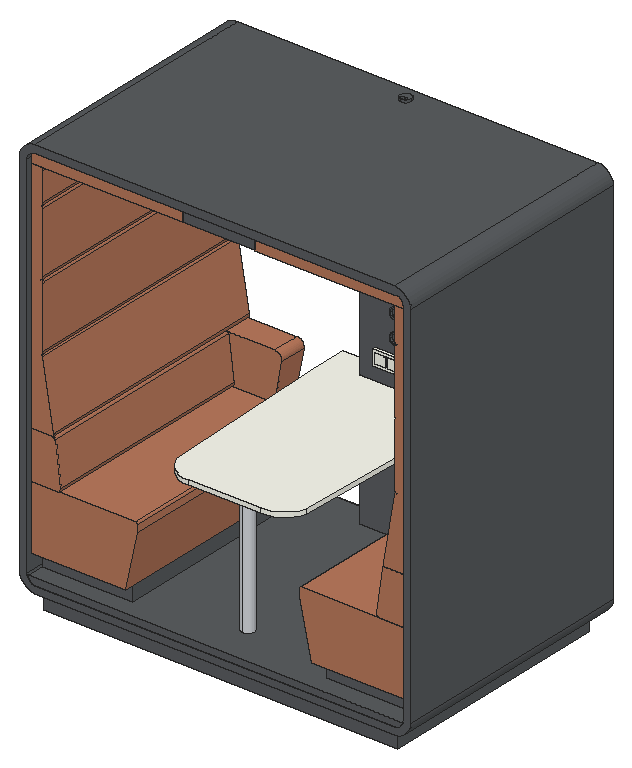
Revit family "Hushmeet.open EN3", category Casework, Revit 2018
Family settings
  OmniClass Number = 23.40.35.00
  OmniClass Title = Casework
  Work Plane-Based = No
  Always vertical = Yes
  Cut with Voids When Loaded = No
  Shared = No
  Room Calculation Point = Yes
Parameters (values of type "HUSH MEET OPEN")
  Width = 2150 mm  # constant formula
  Weight [instance] = 550.00 kg  # constant formula
  URL = "https://hushoffice.com/en/"
  Type of power module [instance] = Power module : PL/FR (1 x electric, 2 x USB, 2 x RJ45)
  Type of foam [instance] = Foam : Normal
  Type Image = hush-meet-open.jpeg
  Persons [instance] = "1-4"  # constant formula
  Model = "HUSH MEET OPEN"  # constant formula
  Middle column = Cosmos Grey AGC
  Manufacturer = "Mikomax Smart Office"  # constant formula
  Index (Product) [instance] = if(or(Type of power module = [E PL/FR], or(Type of power module = E DE, or(Type of power module = E DK, or(Type of power module = E GB, Type of power module = E CH)))), "HUS-BX-010", "HUS-BX-110")  # "HUS-BX-010"
  Index (Equipment) [instance] = if(Green wall, "HUS-PG-001", "-")  # "-"
  IfcExportType = ""
  IfcExportAs = "IfcFurniture"  # constant formula
  Height = 2300 mm  # constant formula
  Green wall [instance] = no
  Finish = "Defined materials"  # constant formula
  Fabric (detail) = PETRUS Amberglow TAG
  Fabric = PETRUS Amberglow TAG
  Equipment [instance] = Interior : table
  E US = Power module : US Type (1 x electric,1 x USB A,1 x USB C,1 x RJ45) - black
  E PL/FR2 = Power module : PL/FR Type (1 x electric,1 x USB A,1 x USB C,1 x RJ45) - black
  E PL/FR = Power module : PL/FR (1 x electric, 2 x USB, 2 x RJ45)
  E GB2 = Power module : GB Type (1 x electric,1 x USB A,1 x USB C,1 x RJ45) - black
  E GB = Power module : GB (1 x electric, 2 x USB, 2 x RJ45)
  E DK = Power module : DK (1 x electric, 2 x USB, 2 x RJ45)
  E DE = Power module : DE (1 x electric, 2 x USB, 2 x RJ45)
  E CH = Power module : CH (1 x electric, 2 x USB, 2 x RJ45)
  E AU = Power module : AU Type (1 x electric,1 x USB A,1 x USB C,1 x RJ45) - black
  Description = "Independent spaces for solo working and meetings, including virtual ones"  # constant formula
  Depth = 1390 mm  # constant formula
  Contact (Rest of the world) = "export.sales@mikomax.pl"  # constant formula
  Contact (Poland) = "mateusz.siwiaszczyk@mikomax.pl"  # constant formula
  Construction Type = "Defined construction"  # constant formula
  Configurator = "https://mikomax.actumwork.pl/customize/materials"
  Catalogue = "https://hushoffice.com/en/architect-zone-en/brochure/"
  Case = Cosmos Grey AGC
  Cableway [instance] = no
  Back glass colour = Glass Clear PRZ
  Assembly Code = "E2010200"
Reference planes
  plane 1 "Back": y = 0
  plane 2: z = 0
  plane 3 "Center (Left/Right)": x = 44.7
  plane 4 "Front": y = -1390
  plane 5 "Left": x = -1030.3
  plane 6 "Right": x = 1119.7
  plane 7 "Top": z = 2300
  plane 8: z = 90
Forms (mm)
  Extrusion 1, solid, material "Cosmos Grey AGC" <- "Case", detail levels medium+fine
    sketch origin (0, 0, 0) x (1, 0, 0) y (0, 0, 1)
      loop
        arc (-945.3, 2300) -> (-1005.404, 2275.104) -> (-1030.3, 2215) r 85
        line (-1030.3, 2215) -> (-1030.3, 175)
        arc (-1030.3, 175) -> (-1005.404, 114.896) -> (-945.3, 90) r 85
        line (-945.3, 90) -> (1034.7, 90)
        arc (1034.7, 90) -> (1094.804, 114.896) -> (1119.7, 175) r 85
        line (1119.7, 175) -> (1119.7, 2215)
        arc (1119.7, 2215) -> (1094.804, 2275.104) -> (1034.7, 2300) r 85
        line (1034.7, 2300) -> (-945.3, 2300)
      loop
        line (-945.3, 130) -> (1034.7, 130)
        arc (1034.7, 130) -> (1066.52, 143.18) -> (1079.7, 175) r 45
        line (1079.7, 175) -> (1079.7, 2215)
        arc (1079.7, 2215) -> (1066.52, 2246.82) -> (1034.7, 2260) r 45
        line (1034.7, 2260) -> (-945.3, 2260)
        arc (-945.3, 2260) -> (-977.119, 2246.82) -> (-990.3, 2215) r 45
        line (-990.3, 2215) -> (-990.3, 175)
        arc (-990.3, 175) -> (-977.119, 143.18) -> (-945.3, 130) r 45
    from 0 to 1390
  Extrusion 2, solid, material "Cosmos Grey AGC", detail levels medium+fine
    sketch origin (0, 0, 0) x (1, 0, 0) y (0, 1, 0)
      loop
        line (-930.3, -40) -> (-930.3, -1350) -> (1019.7, -1350) -> (1019.7, -40) -> (-930.3, -40)
    from 0 to 90
  Extrusion 3, solid, material "Cosmos Grey AGC" <- "Middle column", detail levels medium+fine
    sketch origin (-29.762, 0, 0) x (1, 0, 0) y (0, 1, 0)
      loop
        line (-125.537, 0) -> (-125.537, -145) -> (274.463, -145) -> (274.463, 0) -> (-125.537, 0)
    from 130 to 2260
  Extrusion 4, solid, material "Cosmos Grey AGC" <- "Case", detail levels coarse
    sketch origin (0, 0, 0) x (1, 0, 0) y (0, 1, 0)
      loop
        line (-1030.3, 0) -> (-1030.3, -1390) -> (1119.7, -1390) -> (1119.7, 0) -> (-1030.3, 0)
    from 0 to 2300
  Extrusion 5, solid, material "Cosmos Grey AGC", detail levels medium+fine
    sketch origin (0, -1390, 0) x (1, 0, 0) y (0, 0, 1)
      loop
        line (-945.3, 130) -> (1034.7, 130)
        arc (1034.7, 130) -> (1062.763, 139.822) -> (1078.575, 165) r 45
        line (1078.575, 165) -> (-989.174, 165)
        arc (-989.174, 165) -> (-973.362, 139.822) -> (-945.3, 130) r 45
    from 0 to -1365
  Extrusion 6, solid, material "PETRUS Amberglow TAG" <- "Fabric", detail levels medium+fine
    sketch origin (0, -1390, 0) x (1, 0, 0) y (0, 0, 1)
      loop
        arc (-401.476, 608.81) -> (-404.405, 615.881) -> (-411.476, 618.81) r 10
        line (-411.476, 618.81) -> (-990.3, 618.81) -> (-990.3, 265) -> (-466.112, 265) -> (-401.476, 568.393) -> (-401.476, 608.81)
      loop
        line (-990.3, 2187.998) -> (-990.3, 879.676) -> (-875.649, 879.676)
        arc (-875.649, 879.676) -> (-864.17, 885.02) -> (-860.871, 897.245) r 15
        line (-860.871, 897.245) -> (-922.638, 1252.525)
        arc (-922.638, 1252.525) -> (-927.697, 1261.382) -> (-937.251, 1264.955) r 15
        arc (-937.251, 1264.955) -> (-926.538, 1269.291) -> (-922.087, 1279.956) r 15
        line (-922.087, 1279.956) -> (-922.087, 1616.956)
        arc (-922.087, 1616.956) -> (-926.48, 1627.563) -> (-937.087, 1631.956) r 15
        arc (-937.087, 1631.956) -> (-926.48, 1636.35) -> (-922.087, 1646.956) r 15
        line (-922.087, 1646.956) -> (-922.087, 1983.956)
        arc (-922.087, 1983.956) -> (-926.48, 1994.563) -> (-937.087, 1998.956) r 15
        arc (-937.087, 1998.956) -> (-926.48, 2003.35) -> (-922.087, 2013.956) r 15
        line (-922.087, 2013.956) -> (-922.087, 2173.205)
        arc (-922.087, 2173.205) -> (-925.635, 2182.894) -> (-934.603, 2187.998) r 15
        line (-934.603, 2187.998) -> (-990.3, 2187.998)
      loop
        line (490.877, 608.81) -> (490.877, 568.393) -> (555.513, 265) -> (1079.7, 265) -> (1079.7, 618.81) -> (500.877, 618.81)
        arc (500.877, 618.81) -> (493.806, 615.881) -> (490.877, 608.81) r 10
      loop
        line (1079.7, 2187.998) -> (1024.003, 2187.998)
        arc (1024.003, 2187.998) -> (1015.036, 2182.894) -> (1011.487, 2173.205) r 15
        line (1011.487, 2173.205) -> (1011.487, 2013.956)
        arc (1011.487, 2013.956) -> (1015.881, 2003.35) -> (1026.487, 1998.956) r 15
        arc (1026.487, 1998.956) -> (1015.881, 1994.563) -> (1011.487, 1983.956) r 15
        line (1011.487, 1983.956) -> (1011.487, 1646.956)
        arc (1011.487, 1646.956) -> (1015.881, 1636.35) -> (1026.487, 1631.956) r 15
        arc (1026.487, 1631.956) -> (1015.881, 1627.563) -> (1011.487, 1616.956) r 15
        line (1011.487, 1616.956) -> (1011.487, 1279.956)
        arc (1011.487, 1279.956) -> (1015.939, 1269.291) -> (1026.652, 1264.955) r 15
        arc (1026.652, 1264.955) -> (1017.098, 1261.382) -> (1012.038, 1252.525) r 15
        line (1012.038, 1252.525) -> (950.271, 897.245)
        arc (950.271, 897.245) -> (953.571, 885.02) -> (965.05, 879.676) r 15
        line (965.05, 879.676) -> (1079.7, 879.676) -> (1079.7, 2187.998)
    from -1365 to -25
  Extrusion 7, solid, material "Cosmos Grey AGC", detail levels medium+fine
    sketch origin (-989.174, -1390, 165) x (1, 0, 0) y (0, 1, 0)
      loop
        line (0, 100) -> (500, 100) -> (500, 1265) -> (0, 1265) -> (0, 100)
      loop
        line (2067.75, 1265) -> (1567.75, 1265) -> (1567.75, 100) -> (2067.75, 100) -> (2067.75, 1265)
    from 0 to 100
  Extrusion 8, solid, material "PETRUS Amberglow TAG" <- "Fabric (detail)", detail levels medium+fine
    sketch origin (1119.7, -1390, 0) x (-1, 0, 0) y (0, 0, -1)
      loop
        line (427.992, -618.81) -> (40, -618.81) -> (40, -879.676) -> (430.08, -879.676)
        arc (430.08, -879.676) -> (461.227, -865.25) -> (469.723, -831.993) r 40
        line (469.723, -831.993) -> (427.992, -618.81)
      loop
        line (1722.008, -618.81) -> (1680.277, -831.993)
        arc (1680.277, -831.993) -> (1688.773, -865.25) -> (1719.92, -879.676) r 40
        line (1719.92, -879.676) -> (2110, -879.676) -> (2110, -618.81) -> (1722.008, -618.81)
    from -1365 to -1215
  Extrusion 9, solid, material "PETRUS Amberglow TAG" <- "Fabric (detail)", detail levels medium+fine
    sketch origin (0, -1390, 0) x (1, 0, 0) y (0, 0, 1)
      loop
        arc (-854.938, 866.545) -> (-859.897, 875.924) -> (-869.821, 879.676) r 15
        line (-869.821, 879.676) -> (-990.3, 879.676) -> (-990.3, 618.81) -> (-840.826, 618.81)
        arc (-840.826, 618.81) -> (-829.578, 623.886) -> (-825.943, 635.679) r 15
        line (-825.943, 635.679) -> (-854.938, 866.545)
      loop
        line (944.339, 866.545) -> (915.344, 635.679)
        arc (915.344, 635.679) -> (918.979, 623.886) -> (930.227, 618.81) r 15
        line (930.227, 618.81) -> (1079.7, 618.81) -> (1079.7, 879.676) -> (959.222, 879.676)
        arc (959.222, 879.676) -> (949.298, 875.924) -> (944.339, 866.545) r 15
    from -1215 to -25
  Extrusion 10, solid, material "PETRUS Amberglow TAG" <- "Fabric", detail levels medium+fine
    sketch origin (0, -1390, 0) x (1, 0, 0) y (0, 0, 1)
      loop
        line (244.7, 2187.998) -> (1079.7, 2187.998) -> (1079.7, 2215)
        arc (1079.7, 2215) -> (1066.52, 2246.82) -> (1034.7, 2260) r 45
        line (1034.7, 2260) -> (244.7, 2260) -> (244.7, 2187.998)
      loop
        line (-155.3, 2187.998) -> (-155.3, 2260) -> (-945.3, 2260)
        arc (-945.3, 2260) -> (-977.119, 2246.82) -> (-990.3, 2215) r 45
        line (-990.3, 2215) -> (-990.3, 2187.998) -> (-155.3, 2187.998)
    from -1365 to -25
  Extrusion 11, solid, material "Cosmos Grey AGC" <- "Middle column", detail levels medium+fine
    sketch origin (1034.7, 0, 2260) x (0, 1, 0) y (1, 0, 0)
      loop
        line (-1365, -1189.719) -> (-145, -1189.719) -> (-145, -790.017) -> (-1365, -790.017) -> (-1365, -1189.719)
      loop
        line (-355.699, -1079.799) -> (-355.699, -1066.2) -> (-1165.699, -1066.2) -> (-1165.699, -1079.799) -> (-355.699, -1079.799)
      loop
        line (-355.699, -900.201) -> (-1165.699, -900.201) -> (-1165.699, -913.8) -> (-355.699, -913.8) -> (-355.699, -900.201)
    from 0 to 70
  Extrusion 12, solid, material "Cosmos Grey AGC" <- "Middle column", visible <- "Cableway", detail levels fine
    sketch origin (244.7, -145, 0) x (-1, 0, 0) y (0, 0, -1)
      loop
        circle (200, -1565.235) r 30
      loop
        arc (220.746, -1551.286) -> (200, -1540.235) -> (179.254, -1551.286) r 25
        line (179.254, -1551.286) -> (191.607, -1563.639) -> (208.393, -1563.639) -> (220.746, -1551.286)
    from 0 to 10
  Extrusion 13, solid, material "Cosmos Grey AGC" <- "Middle column", detail levels fine
    sketch origin (244.7, -145, 0) x (-1, 0, 0) y (0, 0, -1)
      loop
        circle (200, -1275.039) r 30
      loop
        circle (200, -1275.039) r 25
      loop
        circle (200, -1149.914) r 30
      loop
        circle (200, -1149.914) r 25
    from 0 to 10
  Extrusion 14, solid, material "Cosmos Grey AGC" <- "Case", detail levels fine
    sketch origin (-945.3, 0, 2300) x (1, 0, 0) y (0, 1, 0)
      loop
        circle (990, -80) r 30
      loop
        arc (969.254, -93.949) -> (990, -105) -> (1010.746, -93.949) r 25
        line (1010.746, -93.949) -> (998.393, -81.596) -> (981.607, -81.596) -> (969.254, -93.949)
    from 0 to 10
Cuts and joins
  joined: Extrusion 8, Extrusion 9
Dimensions and locks
  "Width": plane 6 "Right" to plane 5 "Left"
  equal spacing: plane 6 "Right", plane 3 "Center (Left/Right)", plane 5 "Left"
  "Depth": plane 4 "Front" to plane 1 "Back"
  "Height": level to plane 7 "Top"
  locked: plane 8 to level at 90
  locked: Extrusion 1 sketch curve to plane 5 "Left" at 40
  locked: Extrusion 1 sketch curve to plane 8 at 40
  locked: plane 6 "Right" to Extrusion 1 sketch curve at 40
  locked: plane 7 "Top" to Extrusion 1 sketch curve at 40
  locked: plane 5 "Left" to Extrusion 2 sketch curve at 100
  locked: Extrusion 2 sketch curve to plane 1 "Back" at 40
  locked: Extrusion 2 sketch curve to plane 6 "Right" at 100
  locked: Extrusion 2 sketch curve to plane 4 "Front" at 40
  locked: Extrusion 3 sketch curve to Extrusion 3 sketch curve at 145
  locked: Extrusion 3 sketch curve to Extrusion 3 sketch curve at 400
  locked: Extrusion 5 sketch curve to Extrusion 1 at 35
  locked: Extrusion 5 to plane 1 "Back" at 25
  locked: Extrusion 7 sketch curve to Extrusion 7 sketch curve at 500  (x2)
  locked: Extrusion 5 to Extrusion 7 sketch curve at 100  (x4)
  radius of Extrusion 1 sketch curve = 45 mm  (x4)
  radius of Extrusion 1 sketch curve = 85 mm  (x4)
  aligned and locked: level to plane 2
  aligned and locked: plane 8 to Extrusion 1 sketch curve
  aligned and locked: Extrusion 1 sketch curve to plane 6 "Right"
  aligned and locked: plane 7 "Top" to Extrusion 1 sketch curve
  aligned and locked: plane 5 "Left" to Extrusion 1 sketch curve
  aligned and locked: Extrusion 1 to plane 4 "Front"
  aligned and locked: plane 8 to Extrusion 2
  aligned and locked: Extrusion 3 to plane 1 "Back"
  aligned and locked: Extrusion 3 to Extrusion 1  (x2)
  aligned and locked: Extrusion 4 sketch curve to plane 6 "Right"
  aligned and locked: Extrusion 4 sketch curve to plane 4 "Front"
  aligned and locked: Extrusion 4 sketch curve to plane 5 "Left"
  aligned and locked: Extrusion 4 sketch curve to plane 1 "Back"
  aligned and locked: Extrusion 4 to plane 7 "Top"
  aligned and locked: Extrusion 5 sketch curve to Extrusion 1  (x2)
  aligned and locked: Extrusion 6 to Extrusion 5
  aligned and locked: Extrusion 5 to Extrusion 7 sketch curve  (x2)
  aligned and locked: Extrusion 6 to Extrusion 9 sketch curve
  aligned and locked: Extrusion 9 to Extrusion 8
  aligned and locked: Extrusion 6 to Extrusion 9
  aligned and locked: Extrusion 1 to Extrusion 9 sketch curve
  aligned and locked: nested 2 to Extrusion 1  (x2)
  aligned and locked: nested 1 to Extrusion 1
  aligned and locked: Extrusion 1 to nested 1
  aligned and locked: Extrusion 10 to Extrusion 6
  aligned and locked: Extrusion 6 to Extrusion 10
  aligned and locked: Extrusion 11 to Extrusion 3
  aligned and locked: Extrusion 1 to Extrusion 5
  aligned and locked: Extrusion 10 to Extrusion 11
Automatic sketch dimensions
  plane 1 "Back" to Extrusion 3 sketch curve = 0 mm
  Extrusion 3 sketch curve to plane 3 "Center (Left/Right)" = 200 mm
  plane 5 "Left" to Extrusion 6 sketch curve = 40 mm  (x2)
  plane 5 "Left" to Extrusion 6 sketch curve = 92.884 mm
  Extrusion 6 sketch curve to Extrusion 6 sketch curve = 53.213 mm
  plane 5 "Left" to Extrusion 6 sketch curve = 93.213 mm  (x2)
  Extrusion 6 sketch curve to Extrusion 6 sketch curve = 0.329 mm
  Extrusion 6 sketch curve to Extrusion 6 sketch curve = 0 mm  (x4)
  Extrusion 6 sketch curve to Extrusion 6 sketch curve = 2.484 mm  (x2)
  Extrusion 6 sketch curve to Extrusion 6 sketch curve = 14.778 mm  (x4)
  Extrusion 6 sketch curve to Extrusion 6 sketch curve = 15 mm  (x13)
  Extrusion 6 sketch curve to Extrusion 6 sketch curve = 114.651 mm
  plane 8 to Extrusion 6 sketch curve = 175 mm  (x2)
  Extrusion 6 sketch curve to plane 3 "Center (Left/Right)" = 510.813 mm
  Extrusion 6 sketch curve to Extrusion 6 sketch curve = 54.636 mm
  Extrusion 6 sketch curve to Extrusion 6 sketch curve = 10 mm  (x2)
  plane 3 "Center (Left/Right)" to Extrusion 6 sketch curve = 446.177 mm
  Extrusion 6 sketch curve to Extrusion 6 sketch curve = 64.636 mm
  Extrusion 6 sketch curve to plane 6 "Right" = 169.429 mm
  Extrusion 6 sketch curve to plane 6 "Right" = 108.213 mm  (x2)
  Extrusion 6 sketch curve to Extrusion 6 sketch curve = 0.551 mm
  Extrusion 6 sketch curve to Extrusion 6 sketch curve = 12.516 mm
  Extrusion 6 sketch curve to plane 6 "Right" = 40 mm  (x2)
  Extrusion 6 sketch curve to Extrusion 6 sketch curve = 303.393 mm  (x2)
  Extrusion 6 sketch curve to Extrusion 6 sketch curve = 40.417 mm  (x2)
  Extrusion 6 sketch curve to Extrusion 6 sketch curve = 260.866 mm  (x2)
  Extrusion 6 sketch curve to Extrusion 6 sketch curve = 355.28 mm  (x2)
  Extrusion 6 sketch curve to Extrusion 6 sketch curve = 2.569 mm  (x2)
  Extrusion 6 sketch curve to Extrusion 6 sketch curve = 30 mm
  Extrusion 6 sketch curve to Extrusion 6 sketch curve = 27.431 mm
  Extrusion 6 sketch curve to Extrusion 6 sketch curve = 337 mm  (x2)
  plane 7 "Top" to Extrusion 6 sketch curve = 316.044 mm  (x2)
  plane 7 "Top" to Extrusion 6 sketch curve = 126.795 mm  (x2)
  Extrusion 6 sketch curve to Extrusion 6 sketch curve = 0.165 mm  (x2)
  Extrusion 8 sketch curve to Extrusion 4 = 40 mm
  Extrusion 8 sketch curve to Extrusion 8 sketch curve = 387.992 mm
  Extrusion 8 sketch curve to Extrusion 8 sketch curve = 2.088 mm
  Extrusion 8 sketch curve to Extrusion 8 sketch curve = 0.388 mm  (x2)
  Extrusion 8 sketch curve to Extrusion 8 sketch curve = 39.255 mm  (x2)
  Extrusion 4 to Extrusion 8 sketch curve = 469.723 mm
  Extrusion 8 sketch curve to Extrusion 8 sketch curve = 41.732 mm
  Extrusion 4 to Extrusion 8 sketch curve = 40 mm
  Extrusion 4 to Extrusion 8 sketch curve = 879.676 mm  (x2)
  Extrusion 8 sketch curve to Extrusion 8 sketch curve = 39.998 mm  (x2)
  Extrusion 8 sketch curve to Extrusion 8 sketch curve = 260.866 mm
  Extrusion 8 sketch curve to Extrusion 8 sketch curve = 213.184 mm
  Extrusion 9 sketch curve to Extrusion 9 sketch curve = 120.479 mm
  Extrusion 9 sketch curve to Extrusion 9 sketch curve = 14.883 mm  (x4)
  Extrusion 9 sketch curve to Extrusion 9 sketch curve = 149.474 mm
  Extrusion 9 sketch curve to plane 6 "Right" = 204.357 mm
  Extrusion 9 sketch curve to plane 6 "Right" = 175.362 mm
  Extrusion 9 sketch curve to plane 6 "Right" = 40 mm
  plane 8 to Extrusion 9 sketch curve = 528.81 mm
  Extrusion 9 sketch curve to Extrusion 9 sketch curve = 15 mm  (x2)
  Extrusion 9 sketch curve to Extrusion 9 sketch curve = 230.866 mm  (x2)
  Extrusion 9 sketch curve to Extrusion 9 sketch curve = 1.869 mm  (x2)
  plane 5 "Left" to Extrusion 10 sketch curve = 40 mm
  plane 7 "Top" to Extrusion 10 sketch curve = 40 mm  (x2)
  Extrusion 10 sketch curve to Extrusion 10 sketch curve = 45 mm
  Extrusion 10 sketch curve to plane 3 "Center (Left/Right)" = 200 mm
  plane 3 "Center (Left/Right)" to Extrusion 10 sketch curve = 200 mm
  Extrusion 10 sketch curve to plane 6 "Right" = 85 mm
  Extrusion 10 sketch curve to plane 6 "Right" = 40 mm
  Extrusion 10 sketch curve to Extrusion 10 sketch curve = 27.002 mm  (x2)
  Extrusion 11 sketch curve to Extrusion 11 sketch curve = 0 mm  (x2)
  Extrusion 11 sketch curve to Extrusion 1 = 145 mm
  Extrusion 11 sketch curve to Extrusion 11 sketch curve = 13.599 mm  (x2)
  Extrusion 11 sketch curve to Extrusion 11 sketch curve = 152.4 mm
  Extrusion 12 sketch curve to Extrusion 12 sketch curve = 0 mm  (x2)
  Extrusion 12 sketch curve to Extrusion 3 = 179.254 mm
  Extrusion 12 sketch curve to Extrusion 12 sketch curve = 12.353 mm  (x3)
  Extrusion 12 sketch curve to Extrusion 12 sketch curve = 8.393 mm  (x2)
  Extrusion 3 to Extrusion 12 sketch curve = 694.765 mm
  Extrusion 12 sketch curve to Extrusion 12 sketch curve = 1.596 mm
  Extrusion 13 sketch curve to Extrusion 13 sketch curve = 0 mm  (x5)
  Extrusion 3 to Extrusion 13 sketch curve = 200 mm
  Extrusion 3 to Extrusion 13 sketch curve = 984.961 mm
  Extrusion 13 sketch curve to Extrusion 13 sketch curve = 125.124 mm
  Extrusion 14 sketch curve to Extrusion 14 sketch curve = 0 mm  (x3)
  Extrusion 1 to Extrusion 14 sketch curve = 93.949 mm  (x2)
  Extrusion 14 sketch curve to Extrusion 14 sketch curve = 12.353 mm
  Extrusion 14 sketch curve to Extrusion 14 sketch curve = 8.393 mm  (x2)
  Extrusion 1 to Extrusion 14 sketch curve = 81.596 mm
  Extrusion 14 sketch curve to Extrusion 14 sketch curve = 1.596 mm
  Extrusion 14 sketch curve to Extrusion 1 = 969.254 mm
  Extrusion 11 sketch curve to Extrusion 11 sketch curve = 109.92 mm
  Extrusion 11 sketch curve to Extrusion 1 = 25 mm
  Extrusion 11 sketch curve to Extrusion 1 = 224.301 mm
  Extrusion 11 sketch curve to Extrusion 11 sketch curve = 210.699 mm
  Extrusion 11 sketch curve to Extrusion 11 sketch curve = 110.184 mm
  Extrusion 1 to Extrusion 11 sketch curve = 790.017 mm
  radius of Extrusion 12 sketch curve = 30 mm
  radius of Extrusion 13 sketch curve = 30 mm  (x2)
  radius of Extrusion 13 sketch curve = 25 mm  (x2)
  radius of Extrusion 14 sketch curve = 30 mm
Nested families
  nested 1: "Joinery" at (-572.8, 0, 1195) x (-1, 0, 0) z (0, 1, 0), Material (glass) <- "Back glass colour", type "non-movable", detail levels medium+fine
    with W 835 mm, R (right) 45 mm, R (left) 1 mm, Material (handle and hinges) none, Material (glass) Glass Clear PRZ, Material (frame) Cosmos Grey AGC, H 2130 mm, D 0 mm, Angle 0.00°
  nested 2: "Joinery" at (662.2, 0, 1195) x (-1, 0, 0) z (0, 1, 0), Material (glass) <- "Back glass colour", type "non-movable", detail levels medium+fine
    with W 835 mm, R (right) 1 mm, R (left) 45 mm, Material (handle and hinges) none, Material (glass) Glass Clear PRZ, Material (frame) Cosmos Grey AGC, H 2130 mm, D 0 mm, Angle 0.00°
  nested 3: "Green wall" at (1119.7, -1390, 0), visible <- "Green wall", type "Green wall"
    with H 2300 mm, D 1390 mm
  nested 4: "Interior" at (-1030.3, -1390, 165), Depth <- "Depth", Width <- "Width", type <- "Equipment", type "table"
  nested 5: "Sockets" at (9.2, -145, 1025) x (1, 0, 0) z (0, -1, 0), type "Sockets"
    with single no, non-single yes, Number of sockets 3, Material White JBM, Lenght 227 mm
  nested 6: "Sockets" at (44.7, -145, 775) x (1, 0, 0) z (0, -1, 0), type "Sockets"
    with single yes, non-single no, Number of sockets 2, Material White JBM, Lenght 156 mm
Connectors
  electrical at (44.7, -695, 0)
    settings: index 1, voltage 230 V, apparent load 0 VA, apparent load phase1 0 VA, apparent load phase2 0 VA, apparent load phase3 0 VA, power factor 1, load classification "Other", number of poles 1, system type 30, power factor state 1, is connector primary yes, connector utility no, sub classification motor no, connector description ""
  electrical at (44.7, 0, 0)
    settings: index 2, voltage 230 V, apparent load 0 VA, apparent load phase1 0 VA, apparent load phase2 0 VA, apparent load phase3 0 VA, power factor 1, load classification "Other", number of poles 1, system type 5, power factor state 1, is connector primary no, connector utility no, sub classification motor no, connector description ""
Definition of nested family "Joinery"
  Parameters (values of type "movable")
    non-movable = no
    movable = yes
    W [instance] = 1414.111 mm
    R (right) [instance] = 45 mm
    R (left) [instance] = 45 mm
    Material (handle and hinges) [instance] = none
    Material (glass) [instance] = none
    Material (frame) [instance] = none
    H [instance] = 2200 mm
    Default Elevation = 0 mm
    D [instance] = 50 mm
    Angle [instance] = 45.00°
    Analytic Construction = "<None>"
    A = if(movable, 50 mm, 20 mm)  # 50 mm
  Types (2, lengths in mm): name | non-movable | movable | D | Angle | A
    non-movable | yes | no | 79.124 | 0.00° | 20
    movable | no | yes | 50 | 45.00° | 50
  Reference planes
    plane 1 "Center (Front/Back)": y = 0
    plane 2: z = 0
    plane 3 "Center (Left/Right)": x = 0
    plane 4: y = 1100
    plane 5: y = -1100
    plane 6: x = -707.055
    plane 7: x = 707.055
    plane 8: z = -50
    plane 9: z = -100
    plane 10: z = -55
    plane 11: z = -95
  Forms (mm)
    Extrusion 1, solid
      sketch origin (0, 0, 0) x (1, 0, 0) y (0, 1, 0)
        loop
          line (-1219.2, 1219.2) -> (-1219.2, -1219.2) -> (1219.2, -1219.2) -> (1219.2, 1219.2) -> (-1219.2, 1219.2)
      from 0 to -304.8
    Extrusion 2, solid, material <- "Material (frame)", detail levels medium+fine
      sketch origin (-1009.865, -4572, -100) x (-1, 0, 0) y (0, -1, 0)
        loop
          arc (-347.809, -5672) -> (-315.99, -5658.82) -> (-302.809, -5627) r 45
          line (-302.809, -5627) -> (-302.809, -3517)
          arc (-302.809, -3517) -> (-315.99, -3485.18) -> (-347.809, -3472) r 45
          line (-347.809, -3472) -> (-1671.92, -3472)
          arc (-1671.92, -3472) -> (-1703.74, -3485.18) -> (-1716.92, -3517) r 45
          line (-1716.92, -3517) -> (-1716.92, -5627)
          arc (-1716.92, -5627) -> (-1703.74, -5658.82) -> (-1671.92, -5672) r 45
          line (-1671.92, -5672) -> (-347.809, -5672)
        loop
          line (-352.809, -3522) -> (-1666.92, -3522) -> (-1666.92, -5622) -> (-352.809, -5622) -> (-352.809, -3522)
      from 0 to 50
    Extrusion 3, solid, material <- "Material (glass)", visible <- "non-movable", detail levels medium+fine
      sketch origin (-740.742, -4572, -95) x (-1, 0, 0) y (0, -1, 0)
        loop
          line (-83.687, -5622) -> (-83.687, -3522) -> (-1397.798, -3522) -> (-1397.798, -5622) -> (-83.687, -5622)
      from 0 to 40
  Lines and regions (mm)
    symbolic lines, visible <- "movable"
      curve 1: line (657.055, 0, -50) -> (-657.055, 0, -50)
      curve 2: arc (-657.055, 0, -50) -> (-272.161, 0, 879.217) -> (657.055, 0, 1264.111) r 1314.111
      curve 3: line (657.055, 0, 1264.111) -> (657.055, 0, -50)
  Dimensions and locks
    equal spacing: plane 4, plane 1 "Center (Front/Back)", plane 5
    "H": plane 4 to plane 5
    equal spacing: plane 6, plane 3 "Center (Left/Right)", plane 7
    "W": plane 6 to plane 7
    "D": level to plane 8
    "A": plane 4 to Extrusion 2 sketch curve
    "A": plane 6 to Extrusion 2 sketch curve
    "A": Extrusion 2 sketch curve to plane 7
    "A": Extrusion 2 sketch curve to plane 5
    "A": plane 8 to plane 9
    locked: plane 8 to plane 10 at 5
    locked: plane 11 to plane 9 at 5
    "R (left)": radius of Extrusion 2 sketch curve  (x2)
    "R (right)": radius of Extrusion 2 sketch curve  (x2)
    aligned and locked: plane 2 to Extrusion 1
    aligned and locked: level to Extrusion 1
    aligned and locked: Extrusion 2 sketch curve to plane 4
    aligned and locked: Extrusion 2 sketch curve to plane 6
    aligned and locked: Extrusion 2 sketch curve to plane 5
    aligned and locked: Extrusion 2 sketch curve to plane 7
    aligned and locked: plane 8 to Extrusion 2
    aligned and locked: Extrusion 2 to Extrusion 3 sketch curve
    aligned and locked: Extrusion 3 sketch curve to Extrusion 2  (x3)
    aligned and locked: Extrusion 3 to plane 10
    aligned and locked: nested 1 to Extrusion 2
    aligned and locked: plane 8 to nested 1
    aligned and locked: plane 1 "Center (Front/Back)" to nested 1
    aligned and locked: nested 2 to nested 1
    aligned and locked: plane 1 "Center (Front/Back)" to nested 2
  Automatic sketch dimensions
    Extrusion 1 sketch curve to Extrusion 1 sketch curve = 2438.4 mm  (x2)
    curve 3 to plane 8 = 0 mm
    plane 6 to curve 1 = 50 mm
    plane 7 to curve 2 = 50 mm
  Nested families
    nested 1: "Doors" at (657.055, 0, -50) x (0, 0, 1) z (-1, 0, 0), H <- "H", W <- "W", Angle <- "Angle", visible <- "movable", Material (glass) <- "Material (glass)", Material (handle and hinges) <- "Material (handle and hinges)", type "Doors", detail levels medium+fine
      with W 1414.111 mm, H 2200 mm, Angle 45.00°
    nested 2: "Handle" at (-288.382, 0, 848.854) x (0.7071, 0, -0.7071) z (0.7071, 0, 0.7071), Material <- "Material (handle and hinges)", visible <- "movable", type "Handle", detail levels medium+fine
      with Material none
  Definition of nested family "Doors"
    Parameters (values of type "Doors")
      W [instance] = 940 mm
      Material (handle and hinges) [instance] = none
      Material (glass) [instance] = none
      H [instance] = 2000 mm
      Default Elevation = 1219.2 mm
      Angle [instance] = 0.00°
      Analytic Construction = "<None>"
    Reference planes
      plane 1 "Center (Front/Back)": y = 0
      plane 2: z = 0
      plane 3 "Center (Left/Right)": x = 0
      plane 4: x = -9.149
      plane 5: z = 9.149
      plane 6: y = 1000
      plane 7: y = -1000
      plane 8: y = 950
      plane 9: y = -950
      plane 10: y = 785.739
      plane 11: y = -785.927
    Forms (mm)
      Extrusion 1, solid, material <- "Material (handle and hinges)", detail levels fine
        sketch origin (-9.149, 0, 9.149) x (0, 0, 1) y (-1, 0, 0)
          loop
            spline (6.815, 13.316) -> (6.616, 12.736) -> (6.345, 12.174) -> (6.002, 11.63) -> (5.587, 11.104) -> (5.1, 10.595) -> (4.541, 10.105) -> (3.909, 9.632) -> (3.205, 9.177) -> (2.429, 8.74) -> (1.581, 8.321) -> (0.661, 7.92) -> (-0.332, 7.537)
            arc (-0.332, 7.537) -> (-4.173, -6.285) -> (7.075, 2.618) r 7.544
            spline (7.075, 2.618) -> (7.225, 4.174) -> (7.619, 5.481) -> (8.171, 6.562) -> (8.798, 7.442) -> (9.414, 8.144) -> (9.978, 8.708) -> (10.493, 9.192) -> (10.964, 9.654) -> (11.397, 10.153) -> (11.778, 10.796) -> (12.05, 11.778) -> (12.154, 13.303)
            line (12.154, 13.303) -> (42.912, 13.303) -> (42.912, 20) -> (6.808, 20) -> (6.815, 13.316)
          loop
            line (7.107, 30) -> (43.083, 30) -> (43.083, 35.7) -> (7.107, 35.7) -> (7.107, 30)
        from -830.739 to -740.739
      Extrusion 2, solid, material <- "Material (handle and hinges)", detail levels fine
        sketch origin (-9.149, 0, 9.149) x (0, 0, 1) y (-1, 0, 0)
          loop
            spline (6.815, 13.316) -> (6.616, 12.736) -> (6.345, 12.174) -> (6.002, 11.63) -> (5.587, 11.104) -> (5.1, 10.595) -> (4.541, 10.105) -> (3.909, 9.632) -> (3.205, 9.177) -> (2.429, 8.74) -> (1.581, 8.321) -> (0.661, 7.92) -> (-0.332, 7.537)
            arc (-0.332, 7.537) -> (-4.173, -6.285) -> (7.075, 2.618) r 7.544
            spline (7.075, 2.618) -> (7.225, 4.174) -> (7.619, 5.481) -> (8.171, 6.562) -> (8.798, 7.442) -> (9.414, 8.144) -> (9.978, 8.708) -> (10.493, 9.192) -> (10.964, 9.654) -> (11.397, 10.153) -> (11.778, 10.796) -> (12.05, 11.778) -> (12.154, 13.303)
            line (12.154, 13.303) -> (42.912, 13.303) -> (42.912, 20) -> (6.808, 20) -> (6.815, 13.316)
          loop
            line (7.107, 30) -> (43.083, 30) -> (43.083, 35.7) -> (7.107, 35.7) -> (7.107, 30)
        from -45 to 45
      Extrusion 3, solid, material <- "Material (handle and hinges)", detail levels fine
        sketch origin (-9.149, 0, 9.149) x (0, 0, 1) y (-1, 0, 0)
          loop
            spline (6.815, 13.316) -> (6.616, 12.736) -> (6.345, 12.174) -> (6.002, 11.63) -> (5.587, 11.104) -> (5.1, 10.595) -> (4.541, 10.105) -> (3.909, 9.632) -> (3.205, 9.177) -> (2.429, 8.74) -> (1.581, 8.321) -> (0.661, 7.92) -> (-0.332, 7.537)
            arc (-0.332, 7.537) -> (-4.173, -6.285) -> (7.075, 2.618) r 7.544
            spline (7.075, 2.618) -> (7.225, 4.174) -> (7.619, 5.481) -> (8.171, 6.562) -> (8.798, 7.442) -> (9.414, 8.144) -> (9.978, 8.708) -> (10.493, 9.192) -> (10.964, 9.654) -> (11.397, 10.153) -> (11.778, 10.796) -> (12.05, 11.778) -> (12.154, 13.303)
            line (12.154, 13.303) -> (42.912, 13.303) -> (42.912, 20) -> (6.808, 20) -> (6.815, 13.316)
          loop
            line (7.107, 30) -> (43.083, 30) -> (43.083, 35.7) -> (7.107, 35.7) -> (7.107, 30)
        from 740.927 to 830.927
      Sweep 4, solid, material <- "Material (glass)"
        path in 3D
          loop
            line (-29.149, 0, 9.149) -> (-29.149, 0, 839.149)
        profile origin (-29.149, 0, 424.149) x (-1, 0, 0) y (0, -1, 0)
          loop
            line (0, -950) -> (10, -950) -> (10, 950) -> (0, 950) -> (0, -950)
      Extrusion 5, solid, material <- "Material (handle and hinges)", detail levels fine
        sketch origin (0, 0, 18.299) x (0, 0, 1) y (-1, 0, 0)
          loop
            line (-14.586, 30.648) -> (-18.299, 30.648) -> (-18.299, 14.381) -> (-16.617, 10.219)
            arc (-16.617, 10.219) -> (-14.878, 14.059) -> (-11.35, 16.366) r 7.544
            arc (-11.35, 16.366) -> (-13.697, 18.167) -> (-14.586, 20.988) r 4.919
            line (-14.586, 20.988) -> (-14.586, 30.648)
        from -45 to 45
      Extrusion 6, solid, material <- "Material (handle and hinges)", detail levels fine
        sketch origin (0, 0, 18.299) x (0, 0, 1) y (-1, 0, 0)
          loop
            line (-14.586, 30.648) -> (-18.299, 30.648) -> (-18.299, 14.381) -> (-16.617, 10.219)
            arc (-16.617, 10.219) -> (-14.878, 14.059) -> (-11.35, 16.366) r 7.544
            arc (-11.35, 16.366) -> (-13.697, 18.167) -> (-14.586, 20.988) r 4.919
            line (-14.586, 20.988) -> (-14.586, 30.648)
        from -830.739 to -740.739
      Extrusion 7, solid, material <- "Material (handle and hinges)", detail levels fine
        sketch origin (0, -852.427, 18.299) x (0, 0, 1) y (-1, 0, 0)
          loop
            line (-14.586, 30.648) -> (-18.299, 30.648) -> (-18.299, 14.381) -> (-16.617, 10.219)
            arc (-16.617, 10.219) -> (-14.878, 14.059) -> (-11.35, 16.366) r 7.544
            arc (-11.35, 16.366) -> (-13.697, 18.167) -> (-14.586, 20.988) r 4.919
            line (-14.586, 20.988) -> (-14.586, 30.648)
        from -111.5 to -21.5
    Lines and regions (mm)
      reference lines
        curve 1: line (-9.149, 0, 9.149) -> (-9.149, 0, 949.149)
        curve 2: line (-29.149, 0, 9.149) -> (-9.149, 0, 9.149)
        curve 3: line (-29.149, 0, 9.149) -> (-29.149, 0, 839.149)
        curve 4: line (-29.149, 0, 839.149) -> (-9.149, 0, 839.149)
      sketch lines
        curve 5: line (-29.149, 0, 9.149) -> (-29.149, 0, 839.149)
    Dimensions and locks
      equal spacing: plane 6, plane 1 "Center (Front/Back)", plane 7
      "H": plane 6 to plane 7
      locked: plane 9 to plane 7 at 50
      locked: plane 6 to plane 8 at 50
      Extrusion 3 to plane 11 to Extrusion 3 = 45 mm locked, 45 mm locked
      locked: plane 11 to plane 9 at 164.073
      Extrusion 1 to plane 10 to Extrusion 1 = 45 mm locked, 45 mm locked
      locked: plane 8 to plane 10 at 164.261
      "W": curve 1 to curve 1
      locked: curve 2 to curve 2 at 20
      locked: curve 4 to curve 1 at 110
      locked: curve 1 to curve 2 (angle 90.00°)
      locked: curve 2 to curve 3 (angle 90.00°)
      "Angle": angle plane 4 to curve 1
      aligned and locked: level to plane 2
      aligned and locked: plane 4 to curve 1
      aligned and locked: plane 5 to curve 1
      aligned and locked: curve 2 to curve 1
      aligned and locked: Sweep 4 sketch curve to plane 9
      aligned and locked: plane 8 to Sweep 4 sketch curve
      aligned and locked: Extrusion 5 sketch curve to Extrusion 3
      aligned and locked: Extrusion 1 to Extrusion 6  (x2)
      aligned and locked: Extrusion 3 to Extrusion 7  (x2)
    Automatic sketch dimensions
      Extrusion 1 sketch curve to curve 1 = 0 mm  (x2)
      Extrusion 1 sketch curve to curve 1 = 0.332 mm
      curve 1 to Extrusion 1 sketch curve = 6.808 mm
      Extrusion 1 sketch curve to Extrusion 1 sketch curve = 0.007 mm
      Extrusion 1 sketch curve to curve 1 = 2.618 mm
      curve 1 to Extrusion 1 sketch curve = 7.075 mm
      curve 1 to Extrusion 1 sketch curve = 7.107 mm
      Extrusion 1 sketch curve to Extrusion 1 sketch curve = 5.339 mm
      Extrusion 1 sketch curve to Extrusion 1 sketch curve = 30.759 mm
      Extrusion 1 sketch curve to Extrusion 1 sketch curve = 0.171 mm
      Extrusion 1 sketch curve to Extrusion 1 sketch curve = 10.685 mm
      Extrusion 1 sketch curve to Extrusion 1 sketch curve = 0.012 mm
      Extrusion 1 sketch curve to Extrusion 1 sketch curve = 6.684 mm
      curve 1 to Extrusion 1 sketch curve = 30 mm
      Extrusion 1 sketch curve to Extrusion 1 sketch curve = 5.7 mm
      Extrusion 2 sketch curve to curve 1 = 0 mm  (x2)
      Extrusion 2 sketch curve to curve 1 = 0.332 mm
      curve 1 to Extrusion 2 sketch curve = 6.808 mm
      Extrusion 2 sketch curve to Extrusion 2 sketch curve = 0.007 mm
      Extrusion 2 sketch curve to curve 1 = 2.618 mm
      curve 1 to Extrusion 2 sketch curve = 7.075 mm
      curve 1 to Extrusion 2 sketch curve = 7.107 mm
      Extrusion 2 sketch curve to Extrusion 2 sketch curve = 5.339 mm
      Extrusion 2 sketch curve to Extrusion 2 sketch curve = 30.759 mm
      Extrusion 2 sketch curve to Extrusion 2 sketch curve = 0.171 mm
      Extrusion 2 sketch curve to Extrusion 2 sketch curve = 10.685 mm
      Extrusion 2 sketch curve to Extrusion 2 sketch curve = 0.012 mm
      Extrusion 2 sketch curve to Extrusion 2 sketch curve = 6.684 mm
      curve 1 to Extrusion 2 sketch curve = 30 mm
      Extrusion 2 sketch curve to Extrusion 2 sketch curve = 5.7 mm
      Extrusion 3 sketch curve to curve 1 = 0 mm  (x2)
      Extrusion 3 sketch curve to curve 1 = 0.332 mm
      curve 1 to Extrusion 3 sketch curve = 6.808 mm
      Extrusion 3 sketch curve to Extrusion 3 sketch curve = 0.007 mm
      Extrusion 3 sketch curve to curve 1 = 2.618 mm
      curve 1 to Extrusion 3 sketch curve = 7.075 mm
      curve 1 to Extrusion 3 sketch curve = 7.107 mm
      Extrusion 3 sketch curve to Extrusion 3 sketch curve = 5.339 mm
      Extrusion 3 sketch curve to Extrusion 3 sketch curve = 30.759 mm
      Extrusion 3 sketch curve to Extrusion 3 sketch curve = 0.171 mm
      Extrusion 3 sketch curve to Extrusion 3 sketch curve = 10.685 mm
      Extrusion 3 sketch curve to Extrusion 3 sketch curve = 0.012 mm
      Extrusion 3 sketch curve to Extrusion 3 sketch curve = 6.684 mm
      curve 1 to Extrusion 3 sketch curve = 30 mm
      Extrusion 3 sketch curve to Extrusion 3 sketch curve = 5.7 mm
      Sweep 4 sketch curve to profile plane = 0 mm
      Sweep 4 sketch curve to profile plane = 10 mm
      Extrusion 5 sketch curve to level = 0 mm
      Extrusion 5 sketch curve to plane 4 = 1.07 mm
      level to Extrusion 5 sketch curve = 3.713 mm
      Extrusion 5 sketch curve to plane 5 = 0.518 mm
      Extrusion 5 sketch curve to Extrusion 5 sketch curve = 4.162 mm
      Extrusion 5 sketch curve to Extrusion 5 sketch curve = 6.607 mm
      Extrusion 5 sketch curve to Extrusion 5 sketch curve = 9.66 mm
      Extrusion 6 sketch curve to level = 0 mm
      Extrusion 6 sketch curve to plane 5 = 0 mm
      level to Extrusion 6 sketch curve = 1.681 mm
      level to Extrusion 6 sketch curve = 3.713 mm
      Extrusion 6 sketch curve to plane 5 = 0.518 mm
      Extrusion 6 sketch curve to plane 4 = 0 mm
      Extrusion 6 sketch curve to Extrusion 6 sketch curve = 1.07 mm
      Extrusion 6 sketch curve to Extrusion 6 sketch curve = 4.162 mm
      Extrusion 6 sketch curve to Extrusion 6 sketch curve = 6.607 mm
      Extrusion 6 sketch curve to Extrusion 6 sketch curve = 9.66 mm
      Extrusion 7 sketch curve to level = 0 mm
      Extrusion 7 sketch curve to plane 5 = 0 mm
      level to Extrusion 7 sketch curve = 1.681 mm
      level to Extrusion 7 sketch curve = 3.713 mm
      Extrusion 7 sketch curve to plane 5 = 0.518 mm
      plane 4 to Extrusion 7 sketch curve = 0 mm
      Extrusion 7 sketch curve to Extrusion 7 sketch curve = 1.07 mm
      Extrusion 7 sketch curve to Extrusion 7 sketch curve = 4.162 mm
      Extrusion 7 sketch curve to Extrusion 7 sketch curve = 6.607 mm
      Extrusion 7 sketch curve to Extrusion 7 sketch curve = 9.66 mm
      curve 2 to curve 1 = 0 mm
      curve 4 to curve 1 = 0 mm
  Definition of nested family "Handle"
    Parameters (values of type "Family1")
      Material [instance] = none
      Default Elevation = 1219.2 mm
    Reference planes
      plane 1 "Center (Front/Back)": y = 0
      plane 2: z = 0
      plane 3 "Center (Left/Right)": x = 0
    Forms (mm)
      Extrusion 1, solid
        sketch origin (0, 0, 0) x (1, 0, 0) y (0, 1, 0)
          loop
            line (-1219.2, 1219.2) -> (-1219.2, -1219.2) -> (1219.2, -1219.2) -> (1219.2, 1219.2) -> (-1219.2, 1219.2)
        from 0 to -304.8
      Extrusion 2, solid, material <- "Material", detail levels fine
        sketch origin (0, 0, 0) x (1, 0, 0) y (0, 1, 0)
          loop
            line (0.121, 33) -> (0.121, -33) -> (107.767, -33)
            arc (107.767, -33) -> (140.767, 0) -> (107.767, 33) r 33
            line (107.767, 33) -> (0.121, 33)
        from 0 to 20
      Sweep 3, solid, material <- "Material", detail levels fine
        path in 3D
          loop
            line (75.56, 0, 19.071) -> (75.56, 0, 34.577)
            arc (75.56, 0, 34.577) -> (77.757, 0, 39.88) -> (83.06, 0, 42.077) r 7.5
            line (83.06, 0, 42.077) -> (181.184, 0, 42.077)
            arc (181.184, 0, 42.077) -> (186.487, 0, 39.88) -> (188.684, 0, 34.577) r 7.5
            line (188.684, 0, 34.577) -> (188.684, 0, 27.2)
        profile origin (75.56, 0, 26.824) x (-1, 0, 0) y (0, -1, 0)
          loop
            arc (-1, 12.5) -> (-4.536, 11.036) -> (-6, 7.5) r 5
            line (-6, 7.5) -> (-6, -7.5)
            arc (-6, -7.5) -> (-4.536, -11.036) -> (-1, -12.5) r 5
            line (-1, -12.5) -> (1, -12.5)
            arc (1, -12.5) -> (4.536, -11.036) -> (6, -7.5) r 5
            line (6, -7.5) -> (6, 7.5)
            arc (6, 7.5) -> (4.536, 11.036) -> (1, 12.5) r 5
            line (1, 12.5) -> (-1, 12.5)
    Cuts and joins
      joined: Extrusion 2, Sweep 3
    Lines and regions (mm)
      reference lines
        curve 1: line (75.56, 0, 19.071) -> (75.56, 0, 34.577)
        curve 2: line (188.684, 0, 27.2) -> (188.684, 0, 34.577)
        curve 3: line (83.06, 0, 42.077) -> (181.184, 0, 42.077)
        curve 4: arc (75.56, 0, 34.577) -> (77.757, 0, 39.88) -> (83.06, 0, 42.077) r 7.5
        curve 5: arc (181.184, 0, 42.077) -> (186.487, 0, 39.88) -> (188.684, 0, 34.577) r 7.5
      sketch lines
        curve 6: line (75.56, 0, 19.071) -> (75.56, 0, 34.577)
        curve 7: arc (75.56, 0, 34.577) -> (77.757, 0, 39.88) -> (83.06, 0, 42.077) r 7.5
        curve 8: line (83.06, 0, 42.077) -> (181.184, 0, 42.077)
        curve 9: arc (181.184, 0, 42.077) -> (186.487, 0, 39.88) -> (188.684, 0, 34.577) r 7.5
        curve 10: line (188.684, 0, 27.2) -> (188.684, 0, 34.577)
    Dimensions and locks
      aligned and locked: plane 2 to Extrusion 1
      aligned and locked: level to Extrusion 1
Definition of nested family "Green wall"
  Parameters (values of type "Green wall")
    Material [instance] = none
    H [instance] = 2300 mm
    D [instance] = 1390 mm
  Reference planes
    plane 1 "Center (Front/Back)": y = 0
    plane 2: z = 0
    plane 3 "Center (Left/Right)": x = 0
    plane 4: y = 695
    plane 5: y = 1390
    plane 6: z = 2300
  Forms (mm)
    Extrusion 1, solid, material <- "Material"
      sketch origin (0, 0, 0) x (1, 0, 0) y (0, 1, 0)
        loop
          line (220, 1229) -> (0, 1229) -> (0, 161) -> (220, 161) -> (220, 1229)
      from 20 to 340
    Extrusion 2, solid, material <- "Material"
      sketch origin (0, 0, 0) x (1, 0, 0) y (0, 1, 0)
        loop
          line (79, 139.999) -> (79, 161) -> (0, 161) -> (0, 139.999) -> (79, 139.999)
        loop
          line (79, 1250.001) -> (0, 1250.001) -> (0, 1229) -> (79, 1229) -> (79, 1250.001)
      from 340 to 2212.798
    Extrusion 3, solid, material <- "Material", detail levels medium+fine
      sketch origin (79, 139.999, 0) x (-1, 0, 0) y (0, 0, -1)
        loop
          line (79, -2215) -> (79, -340) -> (74, -340) -> (74, -2215)
          arc (74, -2215) -> (100.361, -2278.64) -> (164, -2305) r 90
          line (164, -2305) -> (214, -2305) -> (214, -2300) -> (164, -2300)
          arc (164, -2300) -> (103.896, -2275.104) -> (79, -2215) r 85
      from -200 to -100
    Extrusion 4, solid, material <- "Material", detail levels medium+fine
      sketch origin (79, 1250.001, 0) x (-1, 0, 0) y (0, 0, 1)
        loop
          arc (79, 2215) -> (103.896, 2275.104) -> (164, 2300) r 85
          line (164, 2300) -> (214, 2300) -> (214, 2305) -> (164, 2305)
          arc (164, 2305) -> (100.361, 2278.64) -> (74, 2215) r 90
          line (74, 2215) -> (74, 340) -> (79, 340) -> (79, 2215)
      from -200 to -100
    Extrusion 5, solid, material <- "Material"
      sketch origin (0, 0, 0) x (1, 0, 0) y (0, 1, 0)
        loop
          line (0, 1229) -> (0, 161) -> (20, 161) -> (20, 1229) -> (0, 1229)
      from 340 to 2212.798
    Extrusion 6, solid, material <- "Material", detail levels medium+fine
      sketch origin (0, 0, 0) x (1, 0, 0) y (0, 1, 0)
        loop
          circle (170, 211) r 20
        loop
          circle (170, 1179) r 20
        loop
          circle (70, 211) r 20
        loop
          circle (70, 1179) r 20
      from 0 to 20
  Dimensions and locks
    equal spacing: plane 1 "Center (Front/Back)", plane 4, plane 5
    "D": plane 1 "Center (Front/Back)" to plane 5
    "H": plane 6 to level
    radius of Extrusion 4 sketch curve = 90 mm
    radius of Extrusion 4 sketch curve = 85 mm
    radius of Extrusion 3 sketch curve = 85 mm
    radius of Extrusion 3 sketch curve = 90 mm
    aligned and locked: level to plane 2
    aligned and locked: Extrusion 3 to Extrusion 1
    aligned and locked: Extrusion 4 to Extrusion 1
    aligned and locked: Extrusion 5 to Extrusion 2
    aligned and locked: Extrusion 2 to Extrusion 5
    aligned and locked: plane 6 to Extrusion 3 sketch curve
    aligned and locked: plane 6 to Extrusion 4 sketch curve
  Automatic sketch dimensions
    Extrusion 1 sketch curve to plane 3 "Center (Left/Right)" = 0 mm
    plane 3 "Center (Left/Right)" to Extrusion 1 sketch curve = 220 mm
    Extrusion 1 sketch curve to plane 1 "Center (Front/Back)" = 161 mm
    Extrusion 1 sketch curve to plane 5 = 161 mm
    Extrusion 2 sketch curve to plane 3 "Center (Left/Right)" = 0 mm  (x2)
    plane 3 "Center (Left/Right)" to Extrusion 2 sketch curve = 79 mm  (x2)
    Extrusion 2 sketch curve to plane 1 "Center (Front/Back)" = 139.999 mm
    Extrusion 2 sketch curve to Extrusion 2 sketch curve = 21.001 mm  (x2)
    Extrusion 2 sketch curve to plane 5 = 161 mm
    Extrusion 3 sketch curve to Extrusion 3 sketch curve = 0 mm  (x2)
    Extrusion 2 to Extrusion 3 sketch curve = 0 mm  (x2)
    Extrusion 3 sketch curve to Extrusion 3 sketch curve = 50 mm
    Extrusion 4 sketch curve to Extrusion 4 sketch curve = 0 mm  (x2)
    Extrusion 4 sketch curve to Extrusion 2 = 0 mm  (x2)
    Extrusion 4 sketch curve to Extrusion 4 sketch curve = 50 mm
    Extrusion 5 sketch curve to plane 3 "Center (Left/Right)" = 0 mm
    plane 3 "Center (Left/Right)" to Extrusion 5 sketch curve = 20 mm
    Extrusion 5 sketch curve to plane 1 "Center (Front/Back)" = 161 mm
    Extrusion 5 sketch curve to plane 5 = 161 mm
    plane 3 "Center (Left/Right)" to Extrusion 6 sketch curve = 70 mm  (x2)
    Extrusion 6 sketch curve to Extrusion 6 sketch curve = 100 mm  (x2)
    Extrusion 6 sketch curve to plane 1 "Center (Front/Back)" = 211 mm
    Extrusion 6 sketch curve to Extrusion 6 sketch curve = 0 mm  (x2)
    Extrusion 6 sketch curve to plane 5 = 211 mm
    radius of Extrusion 6 sketch curve = 20 mm  (x4)
Definition of nested family "Interior"
  Parameters (values of type "table")
    Width [instance] = 2150 mm
    Depth [instance] = 1390 mm
  Reference planes
    plane 1 "Center (Front/Back)": y = 0
    plane 2: z = 0
    plane 3 "Center (Left/Right)": x = 0
    plane 4: y = 1390
    plane 5: x = 2150
  Dimensions and locks
    "Width": plane 3 "Center (Left/Right)" to plane 5
    "Depth": plane 4 to plane 1 "Center (Front/Back)"
    aligned and locked: level to plane 2
  Nested families
    nested 1: "Table" at (1075, 744.342, 0) x (0, -1, 0) z (0, 0, 1), type "Table"
  Definition of nested family "Table"
    Reference planes
      plane 1 "Center (Front/Back)": y = 0
      plane 2: z = 0
      plane 3 "Center (Left/Right)": x = 0
    Forms (mm)
      Extrusion 1, solid, detail levels fine
        sketch origin (336.842, 0, 0) x (1, 0, 0) y (0, 1, 0)
          loop
            line (-957.5, 200) -> (-837.5, 200) -> (-837.5, -200) -> (-957.5, -200) -> (-957.5, -390) -> (-777.5, -390) -> (221.891, -355.101)
            arc (221.891, -355.101) -> (308.799, -298.238) -> (342.5, -200) r 160.032
            line (342.5, -200) -> (342.5, 200)
            arc (342.5, 200) -> (308.799, 298.238) -> (221.891, 355.101) r 160.032
            line (221.891, 355.101) -> (-777.5, 390) -> (-957.5, 390) -> (-957.5, 200)
        from 710 to 735
      Extrusion 2, solid, detail levels fine
        sketch origin (636.295, -1.25, 0) x (1, 0, 0) y (0, 1, 0)
          loop
            arc (-159.29, 30.376) -> (-170.493, 19.512) -> (-184.693, 13.04) r 45.808
            arc (-184.693, 13.04) -> (-193.389, 1.77) -> (-184.693, -9.5) r 11.651
            arc (-184.693, -9.5) -> (-170.493, -15.972) -> (-159.29, -26.836) r 45.808
            arc (-159.29, -26.836) -> (-138.526, -44.235) -> (-113.29, -54.086) r 83.657
            arc (-113.29, -54.086) -> (-101.648, -58.269) -> (-91.55, -65.415) r 45.808
            arc (-91.55, -65.415) -> (-79.52, -67.023) -> (-74.942, -55.782) r 9.918
            arc (-74.942, -55.782) -> (-76.501, -40.151) -> (-72.687, -24.912) r 45.808
            arc (-72.687, -24.912) -> (-68.04, 0) -> (-71.065, 25.161) r 83.657
            arc (-71.065, 25.161) -> (-76.056, 39.845) -> (-75.86, 55.352) r 45.808
            arc (-75.86, 55.352) -> (-77.584, 69.214) -> (-91.55, 68.956) r 10.441
            arc (-91.55, 68.956) -> (-101.648, 61.809) -> (-113.29, 57.626) r 45.808
            arc (-113.29, 57.626) -> (-138.526, 47.775) -> (-159.29, 30.376) r 83.657
        from 706 to 710
      Extrusion 3, solid, detail levels medium
        sketch origin (0, 0, 0) x (1, 0, 0) y (0, 1, 0)
          loop
            line (-620.658, 396.286) -> (-620.658, 200) -> (-500.658, 200) -> (-500.658, -200) -> (-620.658, -200) -> (-620.658, -396.286) -> (679.342, -350.889) -> (679.342, 350.889) -> (-620.658, 396.286)
        from 710 to 735
      Extrusion 4, solid, detail levels medium+fine
        sketch origin (691.795, 0, 0) x (1, 0, 0) y (0, 1, 0)
          loop
            circle (-172.5, 0) r 35
        from 0 to 706
      Extrusion 5, solid, detail levels medium
        sketch origin (309.993, 0, 0) x (1, 0, 0) y (0, 1, 0)
          loop
            line (259.383, -85.056) -> (259.383, 85.944) -> (115.107, 0) -> (259.383, -85.056)
        from 706 to 710
    Dimensions and locks
      aligned and locked: level to plane 2
Definition of nested family "Sockets"
  Parameters (values of type "Sockets")
    single [instance] = no
    non-single [instance] = not(single)  # yes
    Number of sockets [instance] = 2
    Material [instance] = none
    Lenght [instance] = (Number of sockets * 57 mm) + (Number of sockets + 1) * 14 mm  # 156 mm
    Default Elevation = 1219.2 mm
  Reference planes
    plane 1 "Center (Front/Back)": y = 0
    plane 2: z = 0
    plane 3 "Center (Left/Right)": x = 0
  Forms (mm)
    Extrusion 1, solid
      sketch origin (0, 0, 0) x (1, 0, 0) y (0, 1, 0)
        loop
          line (-1219.2, 1219.2) -> (-1219.2, -1219.2) -> (1219.2, -1219.2) -> (1219.2, 1219.2) -> (-1219.2, 1219.2)
      from 0 to -304.8
    Extrusion 2, solid, material <- "Material", visible <- "non-single", detail levels fine
      sketch origin (103.04, -1.647, 0) x (0, 1, 0) y (-1, 0, 0)
        loop
          line (30.147, 167.04) -> (-26.853, 167.04) -> (-26.853, 110.04) -> (30.147, 110.04) -> (30.147, 167.04)
      from 20 to 22
    Extrusion 3, solid, material <- "Material", visible <- "non-single", detail levels fine
      sketch origin (174.04, -1.647, 0) x (0, 1, 0) y (-1, 0, 0)
        loop
          line (30.147, 167.04) -> (-26.853, 167.04) -> (-26.853, 110.04) -> (30.147, 110.04) -> (30.147, 167.04)
      from 20 to 22
    Extrusion 4, solid, material <- "Material", visible <- "non-single", detail levels medium+fine
      sketch origin (-103.04, -40.353, 0) x (0, -1, 0) y (1, 0, 0)
        loop
          line (-82.353, 181.04) -> (-82.353, 25.04) -> (1.647, 25.04) -> (1.647, 181.04) -> (-82.353, 181.04)
      from 0 to 20
    Extrusion 5, solid, material <- "Material", visible <- "single", detail levels medium+fine
      sketch origin (0, 0, 0) x (1, 0, 0) y (0, 1, 0)
        loop
          line (-42.5, 42) -> (-42.5, -42) -> (42.5, -42) -> (42.5, 42) -> (-42.5, 42)
      from 0 to 20
    Extrusion 6, solid, material <- "Material", visible <- "single", detail levels fine
      sketch origin (0, 0, 0) x (1, 0, 0) y (0, 1, 0)
        loop
          line (-28.5, 28.5) -> (-28.5, -28.5) -> (28.5, -28.5) -> (28.5, 28.5) -> (-28.5, 28.5)
      from 22 to 20
  Dimensions and locks
    group 1 to group 2 = 71 mm
    group 1 to group 2 = 0 mm  (x2)
    "Lenght": Extrusion 4 to Extrusion 4
    aligned and locked: plane 2 to Extrusion 1
    aligned and locked: level to Extrusion 1
  Automatic sketch dimensions
    Extrusion 1 sketch curve to Extrusion 1 sketch curve = 2438.4 mm  (x2)
    Extrusion 4 sketch curve to plane 1 "Center (Front/Back)" = 42 mm
    plane 1 "Center (Front/Back)" to Extrusion 4 sketch curve = 42 mm
    Extrusion 4 sketch curve to plane 3 "Center (Left/Right)" = 78 mm
    plane 3 "Center (Left/Right)" to Extrusion 4 sketch curve = 78 mm
    plane 1 "Center (Front/Back)" to Extrusion 5 sketch curve = 42 mm
    Extrusion 5 sketch curve to plane 3 "Center (Left/Right)" = 42.5 mm
    plane 3 "Center (Left/Right)" to Extrusion 5 sketch curve = 42.5 mm
    Extrusion 5 sketch curve to plane 1 "Center (Front/Back)" = 42 mm
    plane 1 "Center (Front/Back)" to Extrusion 6 sketch curve = 28.5 mm
    Extrusion 6 sketch curve to plane 3 "Center (Left/Right)" = 28.5 mm
    plane 3 "Center (Left/Right)" to Extrusion 6 sketch curve = 28.5 mm
    Extrusion 6 sketch curve to plane 1 "Center (Front/Back)" = 28.5 mm
